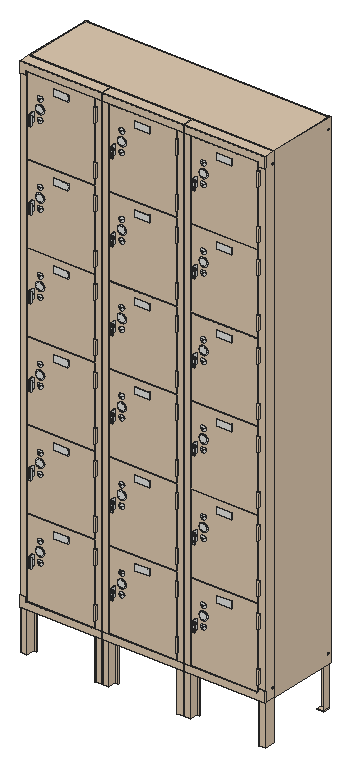
Revit family "Metal_Vented_Lockers-Salsbury_Industries-75000_76000_Series-3_Wide_Units", category Specialty Equipment, Revit 2022 (continued)
Definition of nested family "Metal Locker Left Side Base"
  Types (4): name | Visible | Depth | Model | Description
    77738 Left - for 18" D Lockers with Legs | yes | 16.422" | "77738" | "1.25\"W x 6\" H x 16\"D"
    None | no | 10.422" | "" | ""
  Reference planes (in)
    plane 1 "Center (Front/Back)": y = 0
    plane 2: z = 0
    plane 3 "Center (Left/Right)": x = 5.395
    plane 4 "Floor": z = 0
    plane 5 "Top of Enclosure": z = 6
    plane 6 "Left Side of Unit": x = 4.77
    plane 7 "Right Side of Unit": x = 6.02
    plane 8 "Left Edge of Enclosure": y = -5.211
    plane 9 "Right Edge of Enclosure": y = 5.211
    plane 10 "Left Edge of Insert": y = -6.27647
    plane 11 "Right Edge of Insert": y = -5.15147
    plane 12 "Edge of Rivet": x = 4.73
  Forms (in)
    Extrusion 1, solid, material <- "Primary Structure Material", visible <- "Visible"
      sketch origin (6.02, 0, 0) x (0, 0, -1) y (0, -1, 0)
        loop
          line (-6, 4.90147) -> (-6, -3.961) -> (-5.94, -3.961) -> (-5.94, 4.90147) -> (-6, 4.90147)
      from 0 to 1.19
    Extrusion 2, solid, material <- "Primary Structure Material", visible <- "Visible"
      sketch origin (6.02, 0, -5.94) x (0, 0, -1) y (0, -1, 0)
        loop
          line (-6, 4.90147) -> (-6, -3.961) -> (-5.94, -3.961) -> (-5.94, 4.90147) -> (-6, 4.90147)
      from 0 to 1.19
    Extrusion 3, solid, material <- "Primary Structure Material", visible <- "Visible"
      sketch origin (4.77, 0, 0) x (0, 0, -1) y (0, 1, 0)
        loop
          line (-6, -5.211) -> (0, -5.211) -> (0, 5.211) -> (-6, 5.211) -> (-6, -5.211)
      from 0 to 0.06
    Extrusion 4, solid, material <- "Primary Structure Material", visible <- "Visible"
      sketch origin (10.79, 0, 6) x (0, -1, 0) y (1, 0, 0)
        loop
          line (5.15147, -5.96) -> (6.27647, -5.96) -> (6.27647, -5.9) -> (5.15147, -5.9) -> (5.15147, -5.96)
      from -6 to 0
  Dimensions and locks (in)
    "Height": plane 5 "Top of Enclosure" to plane 4 "Floor"
    plane 10 "Left Edge of Insert" to plane 8 "Left Edge of Enclosure" to plane 11 "Right Edge of Insert" = 1.06547" locked, 0.05953" locked
    equal spacing: plane 8 "Left Edge of Enclosure", plane 1 "Center (Front/Back)", plane 9 "Right Edge of Enclosure"
    "Depth": plane 8 "Left Edge of Enclosure" to plane 9 "Right Edge of Enclosure"
    equal spacing: plane 6 "Left Side of Unit", plane 3 "Center (Left/Right)", plane 7 "Right Side of Unit"
    "Width": plane 6 "Left Side of Unit" to plane 7 "Right Side of Unit"
    "Width including Rivet": plane 12 "Edge of Rivet" to plane 7 "Right Side of Unit"
    plane 12 "Edge of Rivet" to plane 6 "Left Side of Unit" = 0.040"
    aligned and locked: level to plane 2
    aligned and locked: Extrusion 1 to Extrusion 3
    aligned and locked: Extrusion 2 to Extrusion 3
  Automatic sketch dimensions
    plane 5 "Top of Enclosure" to Extrusion 1 sketch curve = 0.000"
    Extrusion 1 sketch curve to Extrusion 1 sketch curve = 0.060"
    plane 9 "Right Edge of Enclosure" to Extrusion 1 sketch curve = 1.250"
    Extrusion 1 sketch curve to plane 11 "Right Edge of Insert" = 0.250"
    Extrusion 2 sketch curve to level = 0.000"
    level to Extrusion 2 sketch curve = 0.060"
    plane 9 "Right Edge of Enclosure" to Extrusion 2 sketch curve = 1.250"
    Extrusion 2 sketch curve to plane 11 "Right Edge of Insert" = 0.250"
    plane 5 "Top of Enclosure" to Extrusion 3 sketch curve = 0.000"
    Extrusion 3 sketch curve to level = 0.000"
    Extrusion 3 sketch curve to plane 8 "Left Edge of Enclosure" = 0.000"
    Extrusion 3 sketch curve to plane 9 "Right Edge of Enclosure" = 0.000"
    plane 11 "Right Edge of Insert" to Extrusion 4 sketch curve = 0.000"
    plane 10 "Left Edge of Insert" to Extrusion 4 sketch curve = 0.000"
    plane 6 "Left Side of Unit" to Extrusion 4 sketch curve = 0.120"
    Extrusion 4 sketch curve to Extrusion 4 sketch curve = 0.060"
Definition of nested family "Metal Locker Zee Base - 3 Wide"
  Parameters (values of type "77572- 36" W x 12" D")
    Width = 36.040"
    Visible = yes
    Version = "1.0 (11/30/15)"
    Type Comments = "Zee Base Kit for Standard Metal Lockers - No Legs"
    Primary Structure Material = none
    Model = "77572"
    MasterFormat Title = ""
    MasterFormat Number = ""
    Manufacturer = "Salsbury Industries"
    Description = "4\" H x 6' L - for 12\" Deep Lockers (Includes 6 Foot Front Base, 2 End Bases, Corner Splicer and 4 Rear Legs)"
    Depth = 12.010"
    Height = 4.000"
    Default Elevation = 0.000"
    Assembly Code = ""
  Types (6): name | Width | Visible | Model | Depth
    77572- 36" W x 12" D | 36.040" | yes | "77572" | 12.010"
    77575 - 36" W x 15" D | 36.040" | yes | "77575" | 15.010"
    77578 - 36"W x 18"D | 36.040" | yes | "77578" | 18.010"
    77575 - 45"W x 15"D | 45.040" | yes | "77575" | 15.010"
    77578 - 45"W x 18"D | 45.040" | yes | "77578" | 18.010"
    None | 36.040" | no | "77572" | 12.010"
  Reference planes (in)
    plane 1 "Center (Front/Back)": y = 0
    plane 2: z = 0
    plane 3 "Center (Left/Right)": x = 0
    plane 4 "Floor": z = 0
    plane 5 "Bottom of Unit": z = 4
    plane 6 "Left Side of Unit": x = -18.02
    plane 7 "Right Side of Unit": x = 18.02
    plane 8 "Back of Unit": y = 6.005
    plane 9 "Front of Unit": y = -6.005
    plane 10 "Right Side of Door Opening": x = 17.02
    plane 11 "Left Side of Door Opening": x = -17.02
    plane 12 "Top of back legs": z = 4.185
    plane 13 "Back Edge of Front Facing": y = -4.417
    plane 14 "Inside Edge of Front Leg": x = -16.58
    plane 15 "Inside Edge of Right Leg": x = 16.58
    plane 16: y = -4.82
    plane 17 "Back Edge of Rear Legs": y = 5.895
    plane 18 "Right Edge of Rear Right Leg": x = 17.9
    plane 19 "Left Edge or Rear Left Leg": x = -17.9
    plane 20: y = 4.895
    plane 21 "Inside Edge or Rear Right Leg": x = 16.9
    plane 22 "Inside Edge or Left Rear Leg": x = -16.9
  Forms (in)
    Extrusion 1, solid, material <- "Primary Structure Material", visible <- "Visible"
      sketch origin (0, 0, 0) x (0, -1, 0) y (1, 0, 0)
        loop
          line (-5.895, 17.9) -> (-5.895, 16.9) -> (-5.835, 16.9) -> (-5.835, 17.84) -> (-4.895, 17.84) -> (-4.895, 17.9) -> (-5.895, 17.9)
      from 0.06 to 4.185
    Extrusion 2, solid, material <- "Primary Structure Material", visible <- "Visible"
      sketch origin (0, 0, 0) x (0, -1, 0) y (1, 0, 0)
        loop
          line (-5.895, 17.9) -> (-5.895, 16.9) -> (-4.895, 16.9) -> (-4.895, 17.9) -> (-5.895, 17.9)
      from 0 to 0.06
    Extrusion 3, solid, material <- "Primary Structure Material", visible <- "Visible"
      sketch origin (0, 0, 0) x (0, -1, 0) y (1, 0, 0)
        loop
          line (-5.895, -17.9) -> (-4.895, -17.9) -> (-4.895, -17.84) -> (-5.835, -17.84) -> (-5.835, -16.9) -> (-5.895, -16.9) -> (-5.895, -17.9)
      from 0.06 to 4.185
    Extrusion 4, solid, material <- "Primary Structure Material", visible <- "Visible"
      sketch origin (0, 0, 0) x (0, -1, 0) y (1, 0, 0)
        loop
          line (-5.895, -17.9) -> (-4.895, -17.9) -> (-4.895, -16.9) -> (-5.895, -16.9) -> (-5.895, -17.9)
      from 0 to 0.06
    Extrusion 5, solid, material <- "Primary Structure Material", visible <- "Visible"
      sketch origin (0, 0, 0) x (0, 1, 0) y (0, 0, 1)
        loop
          line (-6.005, 4) -> (-6.005, 3.94) -> (-4.417, 3.94) -> (-4.417, 0) -> (-2.769, 0) -> (-2.769, 0.06) -> (-4.357, 0.06) -> (-4.357, 4) -> (-6.005, 4)
      from -18.02 to 18.02
  Dimensions and locks (in)
    equal spacing: plane 6 "Left Side of Unit", plane 3 "Center (Left/Right)", plane 7 "Right Side of Unit"
    "Width": plane 6 "Left Side of Unit" to plane 7 "Right Side of Unit"
    "Height": plane 5 "Bottom of Unit" to plane 4 "Floor"
    equal spacing: plane 9 "Front of Unit", plane 1 "Center (Front/Back)", plane 8 "Back of Unit"
    "Depth": plane 9 "Front of Unit" to plane 8 "Back of Unit"
    plane 12 "Top of back legs" to plane 5 "Bottom of Unit" = 0.185"
    plane 6 "Left Side of Unit" to plane 11 "Left Side of Door Opening" = 1.000"
    plane 10 "Right Side of Door Opening" to plane 7 "Right Side of Unit" = 1.000"
    locked: plane 9 "Front of Unit" to plane 13 "Back Edge of Front Facing" at 1.588
    plane 11 "Left Side of Door Opening" to plane 14 "Inside Edge of Front Leg" = 0.440"
    plane 15 "Inside Edge of Right Leg" to plane 10 "Right Side of Door Opening" = 0.440"
    plane 9 "Front of Unit" to plane 16 = 1.185"
    plane 15 "Inside Edge of Right Leg" to plane 21 "Inside Edge or Rear Right Leg" to plane 10 "Right Side of Door Opening" to plane 18 "Right Edge of Rear Right Leg" to plane 7 "Right Side of Unit" = 0.320", 0.120", 0.880", 0.120"
    plane 6 "Left Side of Unit" to plane 19 "Left Edge or Rear Left Leg" to plane 11 "Left Side of Door Opening" to plane 22 "Inside Edge or Left Rear Leg" to plane 14 "Inside Edge of Front Leg" = 0.120", 0.880", 0.120", 0.320"
    plane 20 to plane 17 "Back Edge of Rear Legs" to plane 8 "Back of Unit" = 1.000", 0.110"
    aligned and locked: level to plane 2
    aligned and locked: Extrusion 1 to Extrusion 2
    aligned and locked: Extrusion 4 to Extrusion 3
    aligned and locked: Extrusion 1 to plane 18 "Right Edge of Rear Right Leg"
    aligned and locked: Extrusion 1 to plane 17 "Back Edge of Rear Legs"
    aligned and locked: Extrusion 3 to plane 19 "Left Edge or Rear Left Leg"
    aligned and locked: plane 17 "Back Edge of Rear Legs" to Extrusion 3
    aligned and locked: Extrusion 1 to plane 12 "Top of back legs"
    aligned and locked: plane 12 "Top of back legs" to Extrusion 3
    aligned and locked: Extrusion 5 to plane 7 "Right Side of Unit"
    aligned and locked: plane 6 "Left Side of Unit" to Extrusion 5
  Automatic sketch dimensions
    plane 17 "Back Edge of Rear Legs" to Extrusion 1 sketch curve = 0.000"
    Extrusion 1 sketch curve to plane 21 "Inside Edge or Rear Right Leg" = 0.000"
    Extrusion 1 sketch curve to plane 18 "Right Edge of Rear Right Leg" = 0.000"
    plane 20 to Extrusion 1 sketch curve = 0.000"
    plane 17 "Back Edge of Rear Legs" to Extrusion 1 sketch curve = 0.060"
    plane 18 "Right Edge of Rear Right Leg" to Extrusion 1 sketch curve = 0.060"
    plane 17 "Back Edge of Rear Legs" to Extrusion 2 sketch curve = 0.000"
    Extrusion 2 sketch curve to plane 18 "Right Edge of Rear Right Leg" = 0.000"
    plane 20 to Extrusion 2 sketch curve = 0.000"
    Extrusion 2 sketch curve to plane 21 "Inside Edge or Rear Right Leg" = 0.000"
    plane 17 "Back Edge of Rear Legs" to Extrusion 3 sketch curve = 0.000"
    Extrusion 3 sketch curve to plane 22 "Inside Edge or Left Rear Leg" = 0.000"
    Extrusion 3 sketch curve to plane 19 "Left Edge or Rear Left Leg" = 0.000"
    plane 20 to Extrusion 3 sketch curve = 0.000"
    Extrusion 3 sketch curve to plane 17 "Back Edge of Rear Legs" = 0.060"
    Extrusion 3 sketch curve to plane 19 "Left Edge or Rear Left Leg" = 0.060"
    plane 17 "Back Edge of Rear Legs" to Extrusion 4 sketch curve = 0.000"
    Extrusion 4 sketch curve to plane 19 "Left Edge or Rear Left Leg" = 0.000"
    plane 20 to Extrusion 4 sketch curve = 0.000"
    Extrusion 4 sketch curve to plane 22 "Inside Edge or Left Rear Leg" = 0.000"
    Extrusion 5 sketch curve to plane 9 "Front of Unit" = 0.000"
    Extrusion 5 sketch curve to level = 0.000"
    Extrusion 5 sketch curve to plane 13 "Back Edge of Front Facing" = 0.000"
    plane 5 "Bottom of Unit" to Extrusion 5 sketch curve = 0.000"
    Extrusion 5 sketch curve to plane 13 "Back Edge of Front Facing" = 0.060"
    Extrusion 5 sketch curve to Extrusion 5 sketch curve = 1.588"
    level to Extrusion 5 sketch curve = 0.060"
    plane 5 "Bottom of Unit" to Extrusion 5 sketch curve = 0.060"
Definition of nested family "Metal Locker Zee Base-Right Side"
  Parameters (values of type "77578 Right - 18" D")
    Width including Rivet [instance] = 1.290"
    Visible = yes
    Primary Structure Material = none
    Depth = 16.362"
    Version = "1.0 (11/30/15)"
    Type Comments = "Zee Base Kit for Standard Metal Lockers - No Legs"
    Model = "77578"
    MasterFormat Title = ""
    MasterFormat Number = ""
    Manufacturer = "Salsbury Industries"
    Description = "4\" H x 6' L - for 12\" Deep Lockers (Includes 6 Foot Front Base, 2 End Bases, Corner Splicer and 4 Rear Legs)"
    Width = 4.000"
    Height = 4.000"
    Default Elevation = 0.000"
    Assembly Code = ""
  Types (4): name | Visible | Depth | Type Comments | Model | Description
    77572 Right - 12" D | yes | 10.362" | "Zee Base Kit for Standard Metal Lockers - No Legs" | "77572" | "4\" H x 6' L - for 12\" Deep Lockers (Includes 6 Foot Front Base, 2 End Bases, Corner Splicer and 4 Rear Legs)"
    77575 Right - 15" D | yes | 13.362" | "Zee Base Kit for Standard Metal Lockers - No Legs" | "77575" | "4\" H x 6' L - for 12\" Deep Lockers (Includes 6 Foot Front Base, 2 End Bases, Corner Splicer and 4 Rear Legs)"
    77578 Right - 18" D | yes | 16.362" | "Zee Base Kit for Standard Metal Lockers - No Legs" | "77578" | "4\" H x 6' L - for 12\" Deep Lockers (Includes 6 Foot Front Base, 2 End Bases, Corner Splicer and 4 Rear Legs)"
    None | no | 10.362" | "End Base for Standard Metal Lockers" | "" | ""
  Reference planes (in)
    plane 1 "Center (Front/Back)": y = 0
    plane 2: z = 0
    plane 3 "Center (Left/Right)": x = 3.99
    plane 4 "Floor": z = 0
    plane 5 "Top of Enclosure": z = 4
    plane 6 "Left Edge of Insert": x = 4.77
    plane 7 "Right Side of Unit": x = 5.99
    plane 8 "Left Edge of Enclosure": y = -8.181
    plane 9 "Right Edge of Enclosure": y = 8.181
    plane 10 "Bottom Edge of Enclosure": z = 0.06
    plane 11 "Left Edge of Base": x = 1.99
  Forms (in)
    Extrusion 1, solid, material <- "Primary Structure Material", visible <- "Visible"
      sketch origin (5.99, 0, 0) x (0, 0, -1) y (0, -1, 0)
        loop
          line (-4, 6.93967) -> (-4, -6.931) -> (-3.94, -6.931) -> (-3.94, 6.93967) -> (-4, 6.93967)
      from 0.06 to 1.22
    Extrusion 2, solid, material <- "Primary Structure Material", visible <- "Visible"
      sketch origin (0, 0, 0) x (0, -1, 0) y (1, 0, 0)
        loop
          line (-8.181, 1.99) -> (-8.121, 1.99) -> (-8.121, 5.93) -> (8.121, 5.93) -> (8.121, 1.99) -> (8.181, 1.99) -> (8.181, 5.99) -> (-8.181, 5.99) -> (-8.181, 1.99)
      from 0.06 to 4
  Dimensions and locks (in)
    "Height": plane 5 "Top of Enclosure" to plane 4 "Floor"
    equal spacing: plane 8 "Left Edge of Enclosure", plane 1 "Center (Front/Back)", plane 9 "Right Edge of Enclosure"
    "Depth": plane 8 "Left Edge of Enclosure" to plane 9 "Right Edge of Enclosure"
    "Width": plane 11 "Left Edge of Base" to plane 7 "Right Side of Unit"
    equal spacing: plane 11 "Left Edge of Base", plane 3 "Center (Left/Right)", plane 7 "Right Side of Unit"
    locked: plane 4 "Floor" to plane 10 "Bottom Edge of Enclosure" at 0.06
    aligned and locked: level to plane 2
    aligned and locked: plane 6 "Left Edge of Insert" to Extrusion 1
    aligned and locked: Extrusion 2 to plane 9 "Right Edge of Enclosure"
    aligned and locked: Extrusion 2 to plane 10 "Bottom Edge of Enclosure"
    aligned and locked: plane 11 "Left Edge of Base" to Extrusion 2
  Automatic sketch dimensions
    plane 5 "Top of Enclosure" to Extrusion 1 sketch curve = 0.000"
    Extrusion 1 sketch curve to Extrusion 1 sketch curve = 0.060"
    plane 9 "Right Edge of Enclosure" to Extrusion 1 sketch curve = 1.250"
    Extrusion 1 sketch curve to plane 8 "Left Edge of Enclosure" = 1.24133"
    Extrusion 2 sketch curve to plane 7 "Right Side of Unit" = 0.000"
    plane 9 "Right Edge of Enclosure" to Extrusion 2 sketch curve = 0.000"
    plane 6 "Left Edge of Insert" to Extrusion 2 sketch curve = 2.780"  (x2)
    Extrusion 2 sketch curve to Extrusion 2 sketch curve = 0.060"
    plane 7 "Right Side of Unit" to Extrusion 2 sketch curve = 0.060"
    Extrusion 2 sketch curve to plane 8 "Left Edge of Enclosure" = 0.060"
    Extrusion 2 sketch curve to plane 8 "Left Edge of Enclosure" = 0.000"
Definition of nested family "Metal Locker Zee Base-Left Side"
  Parameters (values of type "77572 Left - 12" D")
    Width including Rivet [instance] = 1.290"
    Visible = yes
    Primary Structure Material = none
    Depth = 10.362"
    Version = "1.0 (11/30/15)"
    Type Comments = "Zee Base Kit for Standard Metal Lockers - No Legs"
    Model = "77572"
    MasterFormat Title = ""
    MasterFormat Number = ""
    Manufacturer = "Salsbury Industries"
    Description = "4\" H x 6' L - for 12\" Deep Lockers (Includes 6 Foot Front Base, 2 End Bases, Corner Splicer and 4 Rear Legs)"
    Width = 4.000"
    Height = 4.000"
    Default Elevation = 0.000"
    Assembly Code = ""
  Types (4): name | Visible | Depth | Type Comments | Model | Description
    77572 Left - 12" D | yes | 10.362" | "Zee Base Kit for Standard Metal Lockers - No Legs" | "77572" | "4\" H x 6' L - for 12\" Deep Lockers (Includes 6 Foot Front Base, 2 End Bases, Corner Splicer and 4 Rear Legs)"
    77575 Left - 15" D | yes | 13.362" | "Zee Base Kit for Standard Metal Lockers - No Legs" | "77575" | "4\" H x 6' L - for 12\" Deep Lockers (Includes 6 Foot Front Base, 2 End Bases, Corner Splicer and 4 Rear Legs)"
    77578 Left- 18" D | yes | 16.362" | "Zee Base Kit for Standard Metal Lockers - No Legs" | "77578" | "4\" H x 6' L - for 12\" Deep Lockers (Includes 6 Foot Front Base, 2 End Bases, Corner Splicer and 4 Rear Legs)"
    None | no | 10.362" | "End Base for Standard Metal Lockers" | "" | ""
  Reference planes (in)
    plane 1 "Center (Front/Back)": y = 0
    plane 2: z = 0
    plane 3 "Center (Left/Right)": x = 3.99
    plane 4 "Floor": z = 0
    plane 5 "Top of Enclosure": z = 4
    plane 6 "Right Side of Unit": x = 5.99
    plane 7 "Left Edge of Enclosure": y = -5.181
    plane 8 "Right Edge of Enclosure": y = 5.181
    plane 9 "Bottom Edge of Enclosure": z = 0.06
    plane 10 "Left Edge of Base": x = 1.99
    plane 11 "Right Edge of Inser": x = 3.21
  Forms (in)
    Extrusion 1, solid, material <- "Primary Structure Material", visible <- "Visible"
      sketch origin (7.98, 0, 0) x (0, -1, 0) y (1, 0, 0)
        loop
          line (-5.181, -1.99) -> (-5.181, -5.99) -> (5.181, -5.99) -> (5.181, -1.99) -> (5.121, -1.99) -> (5.121, -5.93) -> (-5.121, -5.93) -> (-5.121, -1.99) -> (-5.181, -1.99)
      from 0.06 to 4
    Extrusion 2, solid, material <- "Primary Structure Material", visible <- "Visible"
      sketch origin (1.99, 0, 0) x (0, 0, -1) y (0, 1, 0)
        loop
          line (-4, -3.93967) -> (-3.94, -3.93967) -> (-3.94, 3.931) -> (-4, 3.931) -> (-4, -3.93967)
      from 0.06 to 1.22
  Dimensions and locks (in)
    "Height": plane 5 "Top of Enclosure" to plane 4 "Floor"
    equal spacing: plane 7 "Left Edge of Enclosure", plane 1 "Center (Front/Back)", plane 8 "Right Edge of Enclosure"
    "Depth": plane 7 "Left Edge of Enclosure" to plane 8 "Right Edge of Enclosure"
    "Width": plane 10 "Left Edge of Base" to plane 6 "Right Side of Unit"
    equal spacing: plane 10 "Left Edge of Base", plane 3 "Center (Left/Right)", plane 6 "Right Side of Unit"
    locked: plane 4 "Floor" to plane 9 "Bottom Edge of Enclosure" at 0.06
    aligned and locked: level to plane 2
    aligned and locked: plane 10 "Left Edge of Base" to Extrusion 1
  Automatic sketch dimensions
    plane 8 "Right Edge of Enclosure" to Extrusion 1 sketch curve = 0.000"
    Extrusion 1 sketch curve to plane 6 "Right Side of Unit" = 0.000"  (x2)
    plane 7 "Left Edge of Enclosure" to Extrusion 1 sketch curve = 0.000"
    Extrusion 1 sketch curve to plane 10 "Left Edge of Base" = 0.000"
    Extrusion 1 sketch curve to Extrusion 1 sketch curve = 0.060"
    plane 7 "Left Edge of Enclosure" to Extrusion 1 sketch curve = 0.060"
    plane 10 "Left Edge of Base" to Extrusion 1 sketch curve = 0.060"
    plane 5 "Top of Enclosure" to Extrusion 2 sketch curve = 0.000"
    Extrusion 2 sketch curve to Extrusion 2 sketch curve = 0.060"
    Extrusion 2 sketch curve to plane 7 "Left Edge of Enclosure" = 1.24133"
    plane 8 "Right Edge of Enclosure" to Extrusion 2 sketch curve = 1.250"
Definition of nested family "Metal Locker Zee Base Corner"
  Parameters (values of type "77572, 77575, 77578")
    Width = 2.000"
    Visible = yes
    Version = "1.0 (11/30/15)"
    Type Comments = "Zee Base Kit for Standard Metal Lockers - No Legs"
    Primary Structure Material = none
    Model = "n/a"
    Manufacturer = "Salsbury Industries"
    Height = 3.940"
    Description = "4\" H x 6' L - for 12\" Deep Lockers (Includes 6 Foot Front Base, 2 End Bases, Corner Splicer and 4 Rear Legs)"
    Depth = 2.000"
    Default Elevation = 0.000"
  Types (2): name | Visible
    77572, 77575, 77578 | yes
    None | no
  Reference planes (in)
    plane 1 "Center (Front/Back)": y = 0
    plane 2 "Bottom of Component": z = 0
    plane 3 "Center (Left/Right)": x = 0
    plane 4: z = 3.94
    plane 5: x = -1
    plane 6: x = 1
    plane 7 "Front": y = -1
    plane 8 "Back": y = 1
  Forms (in)
    Extrusion 1, solid, material <- "Primary Structure Material", visible <- "Visible"
      sketch origin (0, 0, 0) x (1, 0, 0) y (0, 1, 0)
        loop
          line (-1, 1) -> (-1, 0.94) -> (0.94, 0.94) -> (0.94, -1) -> (1, -1) -> (1, 1) -> (-1, 1)
      from 0 to 3.94
  Dimensions and locks (in)
    "Height": plane 4 to plane 2 "Bottom of Component"
    equal spacing: plane 5, plane 3 "Center (Left/Right)", plane 6
    "Width": plane 5 to plane 6
    equal spacing: plane 7 "Front", plane 1 "Center (Front/Back)", plane 8 "Back"
    "Depth": plane 7 "Front" to plane 8 "Back"
    aligned and locked: plane 2 "Bottom of Component" to level
  Automatic sketch dimensions
    Extrusion 1 sketch curve to plane 5 = 0.000"
    plane 7 "Front" to Extrusion 1 sketch curve = 0.000"
    Extrusion 1 sketch curve to plane 6 = 0.000"
    plane 8 "Back" to Extrusion 1 sketch curve = 0.000"
    plane 6 to Extrusion 1 sketch curve = 0.060"
    Extrusion 1 sketch curve to Extrusion 1 sketch curve = 0.060"
Definition of nested family "Metal Locker End Panel"
  Parameters (values of type "77362 - for 6' H x 12" D Lockers")
    Width = 0.925"
    Visible = yes
    Version = "1.0 (11/30/15)"
    Type Comments = "Finished End Panel for Standard Metal Lockers"
    Primary Structure Material = none
    Model = "77362"
    MasterFormat Title = ""
    MasterFormat Number = ""
    Manufacturer = "Salsbury Industries"
    Height = 72.000"
    Description = "End Panel for 6' H x 12\" Deep Lockers"
    Depth = 12.010"
    Default Elevation = 0.000"
    Assembly Code = ""
  Types (7): name | Visible | Model | Height | Description | Depth
    77362 - for 6' H x 12" D Lockers | yes | "77362" | 72.000" | "End Panel for 6' H x 12\" Deep Lockers" | 12.010"
    77365 - for 6' H x 15" D Lockers | yes | "77365" | 72.000" | "End Panel for 6' H x 15\" Deep Lockers" | 15.010"
    77368 - for 6' H X 18" D Lockers | yes | "77368" | 72.000" | "End Panel for 6' H x 18\" Deep Lockers" | 18.010"
    77352 - for 5' H x 12" D Lockers | yes | "77352" | 60.000" | "End Panel for 5' H x 12\" Deep Lockers" | 12.010"
    77355 - for 5' H x 15" D Lockers | yes | "77355" | 60.000" | "End Panel for 5' H x 15\" Deep Lockers" | 15.010"
    77358 - for 5' H x 18" D Lockers | yes | "77358" | 60.000" | "End Panel for 5' H x 18\" Deep Lockers" | 18.010"
    None | no | "n/a" | 72.000" | "" | 12.010"
  Reference planes (in)
    plane 1 "Center (Front/Back)": y = -2.167
    plane 2: z = 0
    plane 3 "Center (Left/Right)": x = -4.595
    plane 4 "Bottom of Panel": z = 0
    plane 5 "Top of Panel": z = 72
    plane 6 "Front of Panel": y = -8.172
    plane 7 "Right Side of Enclosure": x = -4.1325
    plane 8 "Left Side of Enclosure": x = -5.0575
    plane 9 "Back of Panel": y = 3.838
    plane 10: z = 36
    plane 11: z = 70.283
    plane 12: z = 1.717
    plane 13 "Outside Edge of Front Flap": y = -8.23214
    plane 14 "Outside Edge of Back Flap": y = 3.898
  Forms (in)
    Extrusion 1, solid, material <- "Primary Structure Material", visible <- "Visible"
      sketch origin (-4.1325, 0.48244, 0) x (0, 0, -1) y (0, -1, 0)
        loop
          line (-72, 8.71458) -> (-72, -3.41556) -> (0, -3.41556) -> (0, 8.71458) -> (-72, 8.71458)
      from 0 to -0.06
    Extrusion 2, solid, material <- "Primary Structure Material", visible <- "Visible"
      sketch origin (0, 3.838, 0) x (0, 0, -1) y (1, 0, 0)
        loop
          line (-72, -5.0575) -> (0, -5.0575) -> (0, -4.1325) -> (-72, -4.1325) -> (-72, -5.0575)
      from 0 to -0.06
    Extrusion 3, solid, material <- "Primary Structure Material", visible <- "Visible"
      sketch origin (0, -8.172, 0) x (1, 0, 0) y (0, 0, 1)
        loop
          line (-5.0575, 70.283) -> (-5.0575, 1.717) -> (-4.1325, 1.717) -> (-4.1325, 70.283) -> (-5.0575, 70.283)
      from 0.06014 to 0
  Dimensions and locks (in)
    equal spacing: plane 6 "Front of Panel", plane 1 "Center (Front/Back)", plane 9 "Back of Panel"
    "Depth": plane 6 "Front of Panel" to plane 9 "Back of Panel"
    equal spacing: plane 8 "Left Side of Enclosure", plane 3 "Center (Left/Right)", plane 7 "Right Side of Enclosure"
    "Width": plane 8 "Left Side of Enclosure" to plane 7 "Right Side of Enclosure"
    equal spacing: plane 5 "Top of Panel", plane 10, plane 2
    "Height": plane 5 "Top of Panel" to plane 2
    locked: plane 5 "Top of Panel" to plane 11 at 1.717
    locked: plane 13 "Outside Edge of Front Flap" to plane 6 "Front of Panel" at 0.06014
    locked: plane 9 "Back of Panel" to plane 14 "Outside Edge of Back Flap" at 0.06
    aligned and locked: level to plane 2
    aligned and locked: plane 5 "Top of Panel" to Extrusion 1 sketch curve
    aligned and locked: plane 5 "Top of Panel" to Extrusion 2 sketch curve
    aligned and locked: Extrusion 2 to plane 9 "Back of Panel"
    aligned and locked: plane 11 to Extrusion 3 sketch curve
    aligned and locked: plane 6 "Front of Panel" to Extrusion 3
    aligned and locked: plane 14 "Outside Edge of Back Flap" to Extrusion 2
    aligned and locked: Extrusion 1 to plane 14 "Outside Edge of Back Flap"
    aligned and locked: plane 13 "Outside Edge of Front Flap" to Extrusion 3
    aligned and locked: Extrusion 2 to plane 7 "Right Side of Enclosure"
    aligned and locked: Extrusion 3 to plane 7 "Right Side of Enclosure"
  Automatic sketch dimensions
    Extrusion 1 sketch curve to level = 0.000"
    Extrusion 2 sketch curve to level = 0.000"
    plane 8 "Left Side of Enclosure" to Extrusion 2 sketch curve = 0.000"
    plane 7 "Right Side of Enclosure" to Extrusion 2 sketch curve = 0.000"
    plane 8 "Left Side of Enclosure" to Extrusion 3 sketch curve = 0.000"
    Extrusion 3 sketch curve to plane 12 = 0.000"
    plane 7 "Right Side of Enclosure" to Extrusion 3 sketch curve = 0.000"
    Extrusion 1 sketch curve to plane 14 "Outside Edge of Back Flap" = 0.000"
    plane 6 "Front of Panel" to Extrusion 1 sketch curve = 0.06014"
Definition of nested family "Metal Locker Front Filler"
  Parameters (values of type "77869 - for 6' H Lockers (Zee Base or No Legs)")
    Width = 9.000"
    Visible = yes
    Version = "1.0 (11/30/15)"
    Type Comments = "Vertical Front Filler for Standard Metal Lockers"
    Primary Structure Material = none
    Model = "77865"
    MasterFormat Title = ""
    MasterFormat Number = ""
    Manufacturer = "Salsbury Industries"
    Height = 72.000"
    Description = "9\" W Vertical Front Filler for 6' H Lockers"
    Depth = 1.500"
    Default Elevation = 0.000"
    Assembly Code = ""
  Types (9): name | Width | Visible | Model | Height | Description | Depth
    77865 - for 6' H Lockers with Legs | 15.000" | yes | "77865" | 78.000" | "15\" W Vertical Front Filler for 6' H Lockers" | 1.000"
    77869 - for 6' H Lockers with Legs | 9.000" | yes | "77865" | 78.000" | "9\" W Vertical Front Filler for 6' H Lockers" | 1.000"
    77855 - for 5' H Lockers with Legs | 15.000" | yes | "77855" | 66.000" | "15\" W Vertical Front Filler for 5' H Lockers" | 1.000"
    77859 - for 5' H Lockers with Legs | 9.000" | yes | "77859" | 66.000" | "9\" W Vertical Front Filler for 5' H Lockers" | 1.000"
    None | 15.000" | no | "n/a" | 78.000" | "" | 1.500"
    77865 - for 6' H Lockers (Zee Base or No Legs) | 15.000" | yes | "77865" | 72.000" | "15\" W Vertical Front Filler for 6' H Lockers" | 1.000"
    77869 - for 6' H Lockers (Zee Base or No Legs) | 9.000" | yes | "77865" | 72.000" | "9\" W Vertical Front Filler for 6' H Lockers" | 1.500"
    77859 - for 5' H Lockers (Zee Base or No Legs) | 9.000" | yes | "77859" | 60.000" | "9\" W Vertical Front Filler for 5' H Lockers" | 1.000"
    77855 - for 5' H Lockers (Zee Base or No Legs) | 15.000" | yes | "77855" | 60.000" | "15\" W Vertical Front Filler for 5' H Lockers" | 1.000"
  Reference planes (in)
    plane 1 "Center (Front/Back)": y = -2.167
    plane 2: z = 0
    plane 3 "Center (Left/Right)": x = -4.595
    plane 4 "Bottom of Filler": z = 0
    plane 5 "Top of Panel": z = 72
    plane 6 "Front of Filler": y = -2.917
    plane 7 "Right Side of Filler": x = -0.095
    plane 8 "Left Side of Filler": x = -9.095
    plane 9 "Back of Filler": y = -1.417
    plane 10: z = 36
  Forms (in)
    Extrusion 1, solid, material <- "Primary Structure Material", visible <- "Visible"
      sketch origin (0, 0, 0) x (0, -1, 0) y (1, 0, 0)
        loop
          line (1.417, -9.095) -> (2.917, -9.095) -> (2.917, -1.095) -> (2.869, -1.095) -> (2.869, -9.047) -> (1.417, -9.047) -> (1.417, -9.095)
      from 0 to 72
    Extrusion 2, solid, material <- "Primary Structure Material", visible <- "Visible"
      sketch origin (0, -0.20425, 0) x (0, -1, 0) y (1, 0, 0)
        loop
          line (1.30875, -0.095) -> (1.30875, -0.143) -> (2.76075, -0.143) -> (2.76075, -1.595) -> (2.80875, -1.595) -> (2.80875, -0.095) -> (1.30875, -0.095)
      from 0 to 72
    Extrusion 3, solid, material <- "Primary Structure Material", visible <- "Visible"
      sketch origin (0, 0.10825, 0) x (0, -1, 0) y (1, 0, 0)
        loop
          line (3.07325, -1.595) -> (3.07325, -0.82524) -> (3.02525, -0.82524) -> (3.02525, -1.376) -> (3.02525, -1.449) -> (3.02525, -1.522) -> (3.02525, -1.595) -> (3.07325, -1.595)
      from 0 to 72
    Extrusion 4, solid, material <- "Primary Structure Material", visible <- "Visible"
      sketch origin (0, 0, 0) x (0, -1, 0) y (1, 0, 0)
        loop
          line (2.917, -0.82524) -> (2.821, -0.82524) -> (2.821, -1.80024) -> (2.869, -1.80024) -> (2.869, -0.87324) -> (2.917, -0.87324) -> (2.917, -0.82524)
      from 0 to 72
  Dimensions and locks (in)
    equal spacing: plane 6 "Front of Filler", plane 1 "Center (Front/Back)", plane 9 "Back of Filler"
    "Depth": plane 6 "Front of Filler" to plane 9 "Back of Filler"
    equal spacing: plane 8 "Left Side of Filler", plane 3 "Center (Left/Right)", plane 7 "Right Side of Filler"
    "Width": plane 8 "Left Side of Filler" to plane 7 "Right Side of Filler"
    equal spacing: plane 5 "Top of Panel", plane 10, plane 2
    "Height": plane 5 "Top of Panel" to plane 2
    aligned and locked: level to plane 2
    aligned and locked: Extrusion 1 to plane 5 "Top of Panel"
    aligned and locked: Extrusion 2 to plane 5 "Top of Panel"
    aligned and locked: Extrusion 3 to plane 5 "Top of Panel"
    aligned and locked: Extrusion 4 to plane 5 "Top of Panel"
  Automatic sketch dimensions
    plane 9 "Back of Filler" to Extrusion 1 sketch curve = 0.000"
    plane 6 "Front of Filler" to Extrusion 1 sketch curve = 0.000"
    Extrusion 1 sketch curve to plane 8 "Left Side of Filler" = 0.000"
    Extrusion 1 sketch curve to plane 6 "Front of Filler" = 0.048"
    Extrusion 1 sketch curve to Extrusion 1 sketch curve = 0.048"
    plane 7 "Right Side of Filler" to Extrusion 1 sketch curve = 1.000"
    Extrusion 2 sketch curve to plane 7 "Right Side of Filler" = 0.000"
    plane 7 "Right Side of Filler" to Extrusion 2 sketch curve = 0.048"
    plane 9 "Back of Filler" to Extrusion 2 sketch curve = 0.096"
    plane 6 "Front of Filler" to Extrusion 2 sketch curve = 0.048"
    Extrusion 2 sketch curve to Extrusion 2 sketch curve = 0.048"
    Extrusion 2 sketch curve to Extrusion 2 sketch curve = 1.452"
    plane 6 "Front of Filler" to Extrusion 3 sketch curve = 0.000"
    plane 7 "Right Side of Filler" to Extrusion 3 sketch curve = 1.500"
    Extrusion 3 sketch curve to Extrusion 3 sketch curve = 0.073"  (x3)
    Extrusion 3 sketch curve to Extrusion 3 sketch curve = 0.55076"
    Extrusion 3 sketch curve to Extrusion 3 sketch curve = 0.048"
    plane 6 "Front of Filler" to Extrusion 4 sketch curve = 0.000"
    Extrusion 4 sketch curve to plane 6 "Front of Filler" = 0.048"
    Extrusion 4 sketch curve to Extrusion 4 sketch curve = 0.048"  (x2)
    plane 7 "Right Side of Filler" to Extrusion 4 sketch curve = 1.70524"
    plane 7 "Right Side of Filler" to Extrusion 4 sketch curve = 0.77824"
Definition of nested family "Metal Locker Flat Top Filler"
  Parameters (values of type "77842 - for 12" Deep Lockers (15" W)")
    Width = 16.250"
    Visible = yes
    Version = "1.0 (11/30/15)"
    Type Comments = "Flat Top Filler for Standard Metal Lockers"
    Primary Structure Material = none
    Model = "77842"
    MasterFormat Title = ""
    MasterFormat Number = ""
    Manufacturer = "Salsbury Industries"
    Height = 1.003"
    Description = "15\"W Flat Top In-Line Filler"
    Depth = 12.118"
    Default Elevation = 0.000"
    Assembly Code = ""
  Types (7): name | Width | Visible | Model | Depth
    77842 - for 12" Deep Lockers (15" W) | 16.250" | yes | "77842" | 12.118"
    77842 - for 12" Deep Lockers (9" W) | 10.250" | yes | "77842" | 12.118"
    77845 - for 15" Deep Lockers (15" W) | 16.250" | yes | "77845" | 15.118"
    77845 - for 15" Deep Lockers (9" W) | 10.250" | yes | "77845" | 15.118"
    77848 - for 18" Deep Lockers (15" W) | 16.250" | yes | "77848" | 18.118"
    77848 - for 18" Deep Lockers (9" W) | 10.250" | yes | "77848" | 18.118"
    None | 16.250" | no | "" | 12.118"
  Reference planes (in)
    plane 1 "Center (Front/Back)": y = -2.167
    plane 2: z = 0
    plane 3 "Center (Left/Right)": x = -4.595
    plane 4 "Bottom of Panel": z = 0
    plane 5 "Top of Panel": z = 1.003
    plane 6 "Front of Panel": y = -8.226
    plane 7 "Right Side of Enclosure": x = 3.53
    plane 8 "Left Side of Enclosure": x = -12.72
    plane 9 "Back of Panel": y = 3.892
    plane 10: z = 0.5015
  Forms (in)
    Extrusion 1, solid, material <- "Primary Structure Material", visible <- "Visible"
      sketch origin (-4.595, 0, 0) x (0, 1, 0) y (0, 0, 1)
        loop
          line (-8.226, 0) -> (-8.178, 0) -> (-8.178, 0.955) -> (3.892, 0.955) -> (3.892, 1.003) -> (-8.226, 1.003) -> (-8.226, 0)
      from -8.125 to 8.125
  Dimensions and locks (in)
    equal spacing: plane 6 "Front of Panel", plane 1 "Center (Front/Back)", plane 9 "Back of Panel"
    "Depth": plane 6 "Front of Panel" to plane 9 "Back of Panel"
    equal spacing: plane 8 "Left Side of Enclosure", plane 3 "Center (Left/Right)", plane 7 "Right Side of Enclosure"
    "Width": plane 8 "Left Side of Enclosure" to plane 7 "Right Side of Enclosure"
    equal spacing: plane 5 "Top of Panel", plane 10, plane 2
    "Height": plane 5 "Top of Panel" to plane 2
    aligned and locked: level to plane 2
    aligned and locked: Extrusion 1 to plane 7 "Right Side of Enclosure"
    aligned and locked: plane 8 "Left Side of Enclosure" to Extrusion 1
    aligned and locked: plane 6 "Front of Panel" to Extrusion 1
    aligned and locked: Extrusion 1 to plane 9 "Back of Panel"
  Automatic sketch dimensions
    plane 5 "Top of Panel" to Extrusion 1 sketch curve = 0.000"
    Extrusion 1 sketch curve to plane 6 "Front of Panel" = 0.000"
    Extrusion 1 sketch curve to level = 0.000"
    Extrusion 1 sketch curve to plane 9 "Back of Panel" = 0.000"
    Extrusion 1 sketch curve to plane 6 "Front of Panel" = 0.048"
    plane 5 "Top of Panel" to Extrusion 1 sketch curve = 0.048"
Definition of nested family "Metal Locker Flat Corner Filler"
  Parameters (values of type "77832 - for 12" Deep Lockers")
    Width = 12.625"
    Visible = yes
    Version = "1.0 (11/30/15)"
    Type Comments = "Flat Top Corner Filler for Standard Metal Lockers"
    Primary Structure Material = none
    Model = "77832"
    MasterFormat Title = ""
    MasterFormat Number = ""
    Manufacturer = "Salsbury Industries"
    Height = 0.048"
    Description = "12\"W Flat Top Corner Filler"
    Depth = 12.625"
    Default Elevation = 0.000"
    Assembly Code = ""
  Types (4): name | Width | Visible | Model | Description | Depth
    77832 - for 12" Deep Lockers | 12.625" | yes | "77832" | "12\"W Flat Top Corner Filler" | 12.625"
    77835 - for 15" Deep Lockers | 15.625" | yes | "77835" | "15\"W Flat Top Corner Filler" | 15.625"
    77838 - for 18" Deep Lockers | 18.625" | yes | "77838" | "18\"W Flat Top Corner Filler" | 18.625"
    None | 12.625" | no | "" | "" | 12.625"
  Reference planes (in)
    plane 1 "Center (Front/Back)": y = -2.167
    plane 2: z = 0
    plane 3 "Center (Left/Right)": x = -4.595
    plane 4 "Bottom of Panel": z = 0
    plane 5 "Top of Panel": z = 0.048
    plane 6 "Front of Panel": y = -8.4795
    plane 7 "Right Side of Enclosure": x = 1.7175
    plane 8 "Left Side of Enclosure": x = -10.9075
    plane 9 "Back of Panel": y = 4.1455
    plane 10: z = 0.024
  Forms (in)
    Extrusion 1, solid, material <- "Primary Structure Material", visible <- "Visible"
      sketch origin (0, 0, 0) x (0, -1, 0) y (1, 0, 0)
        loop
          line (7.8545, -10.9075) -> (7.8545, -10.2825) -> (8.4795, -10.2825) -> (8.4795, 1.7175) -> (-4.1455, 1.7175) -> (-4.1455, -10.9075) -> (7.8545, -10.9075)
      from 0 to 0.048
  Dimensions and locks (in)
    equal spacing: plane 6 "Front of Panel", plane 1 "Center (Front/Back)", plane 9 "Back of Panel"
    "Depth": plane 6 "Front of Panel" to plane 9 "Back of Panel"
    equal spacing: plane 8 "Left Side of Enclosure", plane 3 "Center (Left/Right)", plane 7 "Right Side of Enclosure"
    "Width": plane 8 "Left Side of Enclosure" to plane 7 "Right Side of Enclosure"
    equal spacing: plane 5 "Top of Panel", plane 10, plane 2
    "Height": plane 5 "Top of Panel" to plane 2
    aligned and locked: level to plane 2
    aligned and locked: Extrusion 1 to plane 9 "Back of Panel"
    aligned and locked: plane 6 "Front of Panel" to Extrusion 1
    aligned and locked: Extrusion 1 to plane 7 "Right Side of Enclosure"
    aligned and locked: plane 8 "Left Side of Enclosure" to Extrusion 1
  Automatic sketch dimensions
    Extrusion 1 sketch curve to plane 8 "Left Side of Enclosure" = 0.000"
    plane 9 "Back of Panel" to Extrusion 1 sketch curve = 0.000"
    plane 6 "Front of Panel" to Extrusion 1 sketch curve = 0.000"
    Extrusion 1 sketch curve to plane 7 "Right Side of Enclosure" = 0.000"
    Extrusion 1 sketch curve to plane 8 "Left Side of Enclosure" = 0.625"
    Extrusion 1 sketch curve to plane 6 "Front of Panel" = 0.625"
Definition of nested family "Metal Locker Sloping Top Filler"
  Parameters (values of type "77882 - for 12" Deep Lockers (15" W)")
    Width = 16.250"
    Visible = yes
    Version = "1.0 (11/30/15)"
    Type Comments = "Sloping Hood In-Line Filler for Standard Metal Lockers"
    Slope Angle = 28.761°
    Primary Structure Material = none
    Model = "77882"
    MasterFormat Title = ""
    MasterFormat Number = ""
    Manufacturer = "Salsbury Industries"
    Height = 1.003"
    Description = "15\"W Sloping Hood In-Line Filler"
    Depth = 12.118"
    Default Elevation = 0.000"
    Assembly Code = ""
  Types (7): name | Width | Visible | Type Comments | Slope Angle | Model | Description | Depth
    77882 - for 12" Deep Lockers (15" W) | 16.250" | yes | "Sloping Hood In-Line Filler for Standard Metal Lockers" | 28.761° | "77882" | "15\"W Sloping Hood In-Line Filler" | 12.118"
    77882 - for 12" Deep Lockers (9" W) | 10.250" | yes | "Sloping Hood In-Line Filler for Standard Metal Lockers" | 28.761° | "77882" | "15\"W Sloping Hood In-Line Filler" | 12.118"
    77885 - for 15" Deep Lockers (15" W) | 16.250" | yes | "Sloping Hood In-Line Filler for Standard Metal Lockers" | 29.946° | "77885" | "15\"W Sloping Hood In-Line Filler" | 15.118"
    77885 - for 15" Deep Lockers (9" W) | 10.250" | yes | "Sloping Hood In-Line Filler for Standard Metal Lockers" | 29.946° | "77885" | "15\"W Sloping Hood In-Line Filler" | 15.118"
    77888 - for 18" Deep Lockers (15" W) | 16.250" | yes | "Sloping Hood In-Line Filler for Standard Metal Lockers" | 30.723° | "77888" | "15\"W Sloping Hood In-Line Filler" | 18.118"
    77888 - for 18" Deep Lockers (9" W) | 10.250" | yes | "Sloping Hood In-Line Filler for Standard Metal Lockers" | 30.723° | "77888" | "15\"W Sloping Hood In-Line Filler" | 18.118"
    None | 16.250" | no | "Sloping Hood for Standard Metal Lockers" | 28.761° | "" | "" | 12.118"
  Reference planes (in)
    plane 1 "Center (Front/Back)": y = -2.167
    plane 2: z = 0
    plane 3 "Center (Left/Right)": x = -4.595
    plane 4 "Bottom of Panel": z = 0
    plane 5 "Top of Panel": z = 1.003
    plane 6 "Front of Panel": y = -8.226
    plane 7 "Right Side of Enclosure": x = 3.53
    plane 8 "Left Side of Enclosure": x = -12.72
    plane 9 "Back of Panel": y = 3.892
    plane 10: z = 0.5015
    plane 11: through (0, -7.6072, 0.33964) normal (0, -0.4812, 0.8766)
    plane 12: through (0, -7.72698, 0.21914) normal (0, -0.4812, 0.8766)
  Forms (in)
    Extrusion 1, solid, material <- "Primary Structure Material", visible <- "Visible"
      sketch origin (-4.595, 0, 0) x (0, 1, 0) y (0, 0, 1)
        loop
          line (3.892, 6.65119) -> (-8.226, 0) -> (-8.226, -1.028) -> (-8.178, -1.028) -> (-8.178, -0.02841) -> (3.892, 6.59643) -> (3.892, 6.65119)
      from -8.125 to 8.125
  Dimensions and locks (in)
    equal spacing: plane 6 "Front of Panel", plane 1 "Center (Front/Back)", plane 9 "Back of Panel"
    "Depth": plane 6 "Front of Panel" to plane 9 "Back of Panel"
    equal spacing: plane 8 "Left Side of Enclosure", plane 3 "Center (Left/Right)", plane 7 "Right Side of Enclosure"
    "Width": plane 8 "Left Side of Enclosure" to plane 7 "Right Side of Enclosure"
    equal spacing: plane 5 "Top of Panel", plane 10, plane 2
    "Height": plane 5 "Top of Panel" to plane 2
    locked: plane 11 to plane 12 at 0.048
    "Slope Angle": angle plane 4 "Bottom of Panel" to plane 11
    aligned and locked: level to plane 2
    aligned and locked: plane 11 to Extrusion 1 sketch curve
    aligned and locked: plane 12 to Extrusion 1 sketch curve
    aligned and locked: Extrusion 1 to plane 7 "Right Side of Enclosure"
    aligned and locked: plane 8 "Left Side of Enclosure" to Extrusion 1
  Automatic sketch dimensions
    Extrusion 1 sketch curve to plane 6 "Front of Panel" = 0.000"
    Extrusion 1 sketch curve to Extrusion 1 sketch curve = 0.99959"
    Extrusion 1 sketch curve to level = 0.02841"
    Extrusion 1 sketch curve to plane 9 "Back of Panel" = 0.000"
Definition of nested family "Metal Locker Sloping Corner Filler"
  Parameters (values of type "77872 - for 12" Deep Lockers")
    Width = 12.695"
    Visible = yes
    Version = "1.0 (11/30/15)"
    Type Comments = "Sloping Hood Corner Filler for Standard Metal Lockers"
    Slope Angle 2 = 28.761°
    Slope Angle 1 = 28.761°
    Primary Structure Material = none
    Model = "77872"
    MasterFormat Title = ""
    MasterFormat Number = ""
    Manufacturer = "Salsbury Industries"
    Height = 6.87897"
    Description = "12\"D Sloping Hood Corner Filler"
    Depth = 12.695"
    Default Elevation = 0.000"
    Assembly Code = ""
  Types (4): name | Width | Visible | Slope Angle 2 | Slope Angle 1 | Model | Description | Depth
    77872 - for 12" Deep Lockers | 12.695" | yes | 28.761° | 28.761° | "77872" | "12\"D Sloping Hood Corner Filler" | 12.695"
    77875 - for 15" Deep Lockers | 15.695" | yes | 29.946° | 29.946° | "77875" | "15\"D Sloping Hood Corner Filler" | 15.695"
    77878 - for 18" Deep Lockers | 18.695" | yes | 30.723° | 30.723° | "77878" | "18\"D Sloping Hood Corner Filler" | 18.695"
    None | 12.695" | no | 28.723° | 28.723° | "" | "" | 12.695"
  Reference planes (in)
    plane 1 "Center (Front/Back)": y = -2.167
    plane 2: z = 0
    plane 3 "Center (Left/Right)": x = -4.595
    plane 4 "Bottom of Panel": z = 0
    plane 5 "Top of Panel": z = 6.87897
    plane 6 "Front of Panel": y = -8.5145
    plane 7 "Right Side of Enclosure": x = 1.7525
    plane 8 "Left Side of Enclosure": x = -10.9425
    plane 9 "Back of Panel": y = 4.1805
    plane 10 "Center Top/Bottom": z = 3.43948
    plane 11 "Slope 1": through (0, -7.42276, 0.59922) normal (0, -0.4812, 0.8766)
    plane 12: through (0, -7.54254, 0.47872) normal (0, -0.4812, 0.8766)
    plane 13 "Diagonal Plane": through (-10.86131, 4.09969, 48) normal (0.7071, 0.7071, 0)
    plane 14 "Cutout Plane 1": y = -7.8895
    plane 15 "Cutout Plane 2": x = 1.1275
    plane 16 "Slope 2": through (1.43902, -180, 0.17206) normal (-0.4812, 0, -0.8766)
    plane 17: through (5.04554, -180, -1.86199) normal (-0.4812, 0, -0.8766)
  Forms (in)
    Extrusion 1, solid, material <- "Primary Structure Material", visible <- "Visible"
      sketch origin (-4.595, 0, 0) x (0, 1, 0) y (0, 0, 1)
        loop
          line (-7.8895, 0.28829) -> (4.1805, 6.91313) -> (4.1805, 6.96789) -> (-7.8895, 0.34304) -> (-7.8895, 0.28829)
      from -6.3475 to 6.3475
    Extrusion 2, void
      sketch origin (0, 0, 3.43948) x (1, 0, 0) y (0, 1, 0)
        loop
          line (1.75288, -8.5145) -> (-10.9425, 4.18088) -> (-10.9425, -8.5145) -> (1.75288, -8.5145)
      from -3.43948 to 8.2673
    Extrusion 3, solid, material <- "Primary Structure Material", visible <- "Visible"
      sketch origin (0, -2.167, 0) x (1, 0, 0) y (0, 0, 1)
        loop
          line (1.1275, 0.2885) -> (1.1275, 0.34304) -> (-10.9425, 6.96789) -> (-10.9425, 6.91334) -> (1.1275, 0.2885)
      from -6.3475 to 6.3475
    Extrusion 4, void
      sketch origin (-4.595, 0, 0) x (0, 1, 0) y (0, 0, 1)
        loop
          line (4.1805, 0) -> (4.1805, 6.91313) -> (-8.41474, 0) -> (4.1805, 0)
      from -6.3475 to 6.3475
    Extrusion 5, solid, not visible
      sketch origin (1.1275, 0, 0) x (0, -1, 0) y (0, 0, 1)
        loop
          line (8.60982, 0.2885) -> (7.8895, 0.2885) -> (7.8895, 0) -> (8.60982, 0) -> (8.60982, 0.2885)
      from -0.72026 to 0
  Cuts and joins
    Extrusion 2, Extrusion 4 cuts Extrusion 1
    Extrusion 4 cuts Extrusion 3
  Dimensions and locks (in)
    equal spacing: plane 6 "Front of Panel", plane 1 "Center (Front/Back)", plane 9 "Back of Panel"
    "Depth": plane 6 "Front of Panel" to plane 9 "Back of Panel"
    equal spacing: plane 8 "Left Side of Enclosure", plane 3 "Center (Left/Right)", plane 7 "Right Side of Enclosure"
    "Width": plane 8 "Left Side of Enclosure" to plane 7 "Right Side of Enclosure"
    equal spacing: plane 5 "Top of Panel", plane 10 "Center Top/Bottom", plane 2
    "Height": plane 5 "Top of Panel" to plane 2
    locked: plane 11 "Slope 1" to plane 12 at 0.048
    locked: plane 15 "Cutout Plane 2" to plane 7 "Right Side of Enclosure" at 0.625
    locked: plane 6 "Front of Panel" to plane 14 "Cutout Plane 1" at 0.625
    locked: plane 17 to plane 16 "Slope 2" at 0.04782
    "Slope Angle 1": angle plane 4 "Bottom of Panel" to plane 11 "Slope 1"
    "Slope Angle 2": angle plane 16 "Slope 2" to plane 4 "Bottom of Panel"
    aligned and locked: level to plane 2
    aligned and locked: Extrusion 1 sketch curve to plane 14 "Cutout Plane 1"
    aligned and locked: plane 9 "Back of Panel" to Extrusion 1 sketch curve
    aligned and locked: Extrusion 1 sketch curve to plane 11 "Slope 1"
    aligned and locked: plane 12 to Extrusion 1 sketch curve
    aligned and locked: plane 8 "Left Side of Enclosure" to Extrusion 1
    aligned and locked: Extrusion 1 to plane 7 "Right Side of Enclosure"
    aligned and locked: plane 6 "Front of Panel" to Extrusion 2 sketch curve
    aligned and locked: plane 8 "Left Side of Enclosure" to Extrusion 2 sketch curve
    aligned and locked: plane 13 "Diagonal Plane" to Extrusion 2 sketch curve
    aligned and locked: plane 4 "Bottom of Panel" to cut or joined group of Extrusion 1, Extrusion 2, Extrusion 4
    aligned and locked: Extrusion 4 sketch curve to level
    aligned and locked: Extrusion 4 sketch curve to plane 9 "Back of Panel"
    aligned and locked: plane 12 to Extrusion 4 sketch curve
    aligned and locked: Extrusion 4 to plane 7 "Right Side of Enclosure"
    aligned and locked: plane 8 "Left Side of Enclosure" to Extrusion 4
    aligned and locked: cut or joined group of Extrusion 3, Extrusion 4 to plane 15 "Cutout Plane 2"
    aligned and locked: plane 6 "Front of Panel" to cut or joined group of Extrusion 3, Extrusion 4
    aligned and locked: cut or joined group of Extrusion 3, Extrusion 4 to plane 9 "Back of Panel"
    aligned and locked: Extrusion 3 sketch curve to plane 15 "Cutout Plane 2"
    aligned and locked: Extrusion 3 sketch curve to plane 16 "Slope 2"
    aligned and locked: plane 8 "Left Side of Enclosure" to Extrusion 3 sketch curve
    aligned and locked: plane 17 to Extrusion 3 sketch curve
  Automatic sketch dimensions
    Extrusion 5 sketch curve to plane 14 "Cutout Plane 1" = 0.000"
    Extrusion 5 sketch curve to level = 0.000"
    plane 6 "Front of Panel" to Extrusion 5 sketch curve = 0.09532"
    Extrusion 5 sketch curve to Extrusion 5 sketch curve = 0.2885"
Definition of nested family "Metal Locker Sloping Hood"
  Parameters (values of type "77752 - for 12" Deep Lockers (1 Wide)")
    Width = 12.040"
    Visible = yes
    Version = "1.0 (11/30/15)"
    Type Comments = "Sloping Hood for Standard Metal Lockers"
    Slope Angle = 28.761°
    Primary Structure Material = none
    Model = "77752"
    MasterFormat Title = ""
    MasterFormat Number = ""
    Manufacturer = "Salsbury Industries"
    Height = 6.625"
    Dividing Lines = no
    Description = "12\" Deep for up to (3) 12\" Wide Lockers"
    Depth = 12.070"
    Default Elevation = 0.000"
    Assembly Code = ""
  Types (12): name | Width | Visible | Slope Angle | Model | Height | Dividing Lines | Description | Depth
    77752 - for 12" Deep Lockers (1 Wide) | 12.040" | yes | 28.761° | "77752" | 6.625" | no | "12\" Deep for up to (3) 12\" Wide Lockers" | 12.070"
    77752 - for 12" Deep Lockers (3 Wide) | 36.040" | yes | 28.761° | "77752" | 6.625" | yes | "12\" Deep for up to (3) 12\" Wide Lockers" | 12.070"
    77755 - for 15" Deep Lockers (1 Wide) | 12.040" | yes | 29.946° | "77755" | 8.682" | no | "15\" Deep for up to (3) 12\" Wide Lockers" | 15.070"
    77755 - for 15" Deep Lockers (3 Wide) | 36.040" | yes | 29.946° | "77755" | 8.628" | yes | "15\" Deep for up to (3) 12\" Wide Lockers" | 15.070"
    77758 - for 18" Deep Lockers (1 Wide) | 12.040" | yes | 30.723° | "77758" | 10.739" | no | "18\" Deep for up to (3) 12\" Wide Lockers" | 18.070"
    77758 - for 18" Deep Lockers (3 Wide) | 36.040" | yes | 30.723° | "77758" | 10.739" | yes | "18\" Deep for up to (3) 12\" Wide Lockers" | 18.070"
    None | 12.000" | no | 28.761° | "" | 6.625" | no | "" | 12.070"
    77765 - for 15" Deep Lockers (1 Wide) | 15.040" | yes | 29.946° | "77752" | 6.625" | no | "12\" Deep for up to (3) 12\" Wide Lockers" | 15.070"
    77768 - for 18" Deep Lockers (1 Wide) | 15.040" | yes | 30.723° | "77752" | 6.625" | no | "12\" Deep for up to (3) 12\" Wide Lockers" | 18.070"
    77765 - for 15" Deep Lockers (3 Wide) | 45.040" | yes | 29.946° | "77752" | 6.625" | yes | "12\" Deep for up to (3) 12\" Wide Lockers" | 15.070"
    77768 - for 18" Deep Lockers (3 Wide) | 45.040" | yes | 30.723° | "77752" | 6.625" | yes | "12\" Deep for up to (3) 12\" Wide Lockers" | 18.070"
    77759 - for 18" Deep Bridge Lockers | 72.040" | yes | 30.723° | "77752" | 6.625" | no | "12\" Deep for up to (3) 12\" Wide Lockers" | 18.070"
  Reference planes (in)
    plane 1 "Center (Front/Back)": y = -2.167
    plane 2: z = 0
    plane 3 "Center (Left/Right)": x = -4.595
    plane 4 "Bottom of Panel": z = 0
    plane 5 "Top of Panel": z = 6.625
    plane 6 "Front of Panel": y = -8.202
    plane 7 "Right Side of Enclosure": x = 1.425
    plane 8 "Left Side of Enclosure": x = -10.615
    plane 9 "Back of Panel": y = 3.868
    plane 10: z = 3.3125
    plane 11: through (0, -7.81601, 0.21186) normal (0, -0.4812, 0.8766)
    plane 12: through (0, -7.94397, 0.10626) normal (0, -0.4812, 0.8766)
    plane 13: y = 3.837
    plane 14: y = 3.806
    plane 15: y = 3.775
    plane 16: y = 3.37433
    plane 17 "Divider 1": x = -6.60167
    plane 18 "Divider 2": x = -2.58833
  Forms (in)
    Extrusion 1, solid, material <- "Primary Structure Material", visible <- "Visible"
      sketch origin (1.425, 0, 0) x (0, 0, -1) y (0, -1, 0)
        loop
          line (-6.62484, -3.868) -> (0, -3.868) -> (0, 8.202) -> (-6.62484, -3.868)
      from 0 to 0.031
    Extrusion 2, solid, material <- "Primary Structure Material", visible <- "Visible"
      sketch origin (1.425, 0, 0) x (0, 0, -1) y (0, -1, 0)
        loop
          line (0, -3.868) -> (0, -3.837) -> (-6.60783, -3.837) -> (-6.62484, -3.868) -> (0, -3.868)
      from 0.03098 to 0.40598
    Extrusion 3, solid, material <- "Primary Structure Material", visible <- "Visible"
      sketch origin (1.425, 0, 0) x (0, 0, -1) y (0, -1, 0)
        loop
          line (0, -3.837) -> (0, 8.13757) -> (-0.031, 8.08109) -> (-0.031, -3.837) -> (0, -3.837)
      from 0.031 to 0.80198
    Extrusion 4, solid, material <- "Primary Structure Material", visible <- "Visible"
      sketch origin (-10.615, 0, 0) x (0, 0, -1) y (0, -1, 0)
        loop
          line (-6.62484, -3.868) -> (0, -3.868) -> (0, 8.202) -> (-6.62484, -3.868)
      from 0 to -0.031
    Extrusion 5, solid, material <- "Primary Structure Material", visible <- "Visible"
      sketch origin (-10.615, 0, 0) x (0, 0, -1) y (0, -1, 0)
        loop
          line (0, -3.868) -> (0, -3.837) -> (-6.60783, -3.837) -> (-6.62484, -3.868) -> (0, -3.868)
      from -0.031 to -0.406
    Extrusion 6, solid, material <- "Primary Structure Material", visible <- "Visible"
      sketch origin (-10.615, 0, 0) x (0, 0, -1) y (0, -1, 0)
        loop
          line (0, -3.837) -> (0, 8.13757) -> (-0.031, 8.08109) -> (-0.031, -3.837) -> (0, -3.837)
      from -0.031 to -0.802
    Extrusion 7, solid, material <- "Primary Structure Material", visible <- "Visible"
      sketch origin (-4.595, 0, 0) x (0, 1, 0) y (0, 0, 1)
        loop
          line (3.837, 6.60783) -> (-8.202, 0) -> (-7.84238, 0) -> (-7.84238, 0.031) -> (-8.08109, 0.031) -> (3.806, 6.55545) -> (3.806, 6.21809) -> (3.837, 6.21809) -> (3.837, 6.60783)
      from -5.989 to 5.989
    Extrusion 8, solid, material <- "Primary Structure Material", visible <- "Visible"
      sketch origin (-4.595, -0.031, 0) x (0, 1, 0) y (0, 0, 1)
        loop
          line (3.837, 0.031) -> (3.837, 6.55545) -> (3.806, 6.53844) -> (3.806, 0.031) -> (3.837, 0.031)
      from -5.989 to 5.989
    Extrusion 9, solid, material <- "Primary Structure Material", visible <- "Visible"
      sketch origin (0, -0.031, 0) x (0, -1, 0) y (1, 0, 0)
        loop
          line (-3.806, -9.75653) -> (-3.40533, -9.75653) -> (-3.40533, 0.56919) -> (-3.806, 0.56919) -> (-3.806, -9.75653)
      from 0.031 to 0.06464
  Lines and regions (in)
    model lines, visible <- "Dividing Lines"
      curve 1: line (-6.60167, -8.21456, -0.0069) -> (-6.60167, 3.868, 6.62484)
      curve 2: line (-2.58833, -8.21456, -0.0069) -> (-2.58833, 3.868, 6.62484)
  Dimensions and locks (in)
    equal spacing: plane 6 "Front of Panel", plane 1 "Center (Front/Back)", plane 9 "Back of Panel"
    "Depth": plane 6 "Front of Panel" to plane 9 "Back of Panel"
    equal spacing: plane 8 "Left Side of Enclosure", plane 17 "Divider 1", plane 18 "Divider 2", plane 7 "Right Side of Enclosure"
    "Width": plane 8 "Left Side of Enclosure" to plane 7 "Right Side of Enclosure"
    equal spacing: plane 5 "Top of Panel", plane 10, plane 2
    "Height": plane 5 "Top of Panel" to plane 2
    locked: plane 11 to plane 12 at 0.031
    plane 16 to plane 15 to plane 14 to plane 13 to plane 9 "Back of Panel" = 0.40067", 0.031", 0.031", 0.031"
    equal spacing: plane 8 "Left Side of Enclosure", plane 3 "Center (Left/Right)", plane 7 "Right Side of Enclosure"
    "Slope Angle": angle plane 4 "Bottom of Panel" to plane 11
    aligned and locked: level to plane 2
    aligned and locked: Extrusion 1 to plane 9 "Back of Panel"
    aligned and locked: plane 4 "Bottom of Panel" to Extrusion 1
    aligned and locked: Extrusion 7 to Extrusion 1
    aligned and locked: Extrusion 7 to Extrusion 4
    aligned and locked: Extrusion 7 to Extrusion 8  (x2)
    aligned and locked: plane 11 to Extrusion 7 sketch curve
    aligned and locked: plane 12 to Extrusion 7 sketch curve
    aligned and locked: plane 12 to Extrusion 8 sketch curve
    aligned and locked: Extrusion 4 sketch curve to plane 11
    aligned and locked: Extrusion 1 sketch curve to plane 11
    aligned and locked: Extrusion 3 sketch curve to plane 12
    aligned and locked: Extrusion 6 sketch curve to plane 12
    aligned and locked: plane 13 to Extrusion 7
    aligned and locked: plane 14 to Extrusion 8
    aligned and locked: plane 15 to Extrusion 8
    aligned and locked: plane 16 to Extrusion 9
    aligned and locked: plane 13 to Extrusion 7 sketch curve
    aligned and locked: Extrusion 7 sketch curve to plane 14
    aligned and locked: plane 13 to Extrusion 2 sketch curve
    aligned and locked: plane 11 to Extrusion 2 sketch curve
    aligned and locked: plane 13 to Extrusion 5 sketch curve
    aligned and locked: plane 11 to Extrusion 5 sketch curve
    aligned and locked: curve 2 to plane 18 "Divider 2"
    aligned and locked: curve 1 to plane 17 "Divider 1"
  Automatic sketch dimensions
    Extrusion 7 sketch curve to level = 0.000"
    level to Extrusion 7 sketch curve = 0.031"
    Extrusion 7 sketch curve to Extrusion 7 sketch curve = 0.23871"
    Extrusion 7 sketch curve to Extrusion 7 sketch curve = 0.33736"
    Extrusion 1 sketch curve to plane 9 "Back of Panel" = 0.000"
    Extrusion 1 sketch curve to level = 0.000"
    Extrusion 2 sketch curve to plane 9 "Back of Panel" = 0.000"
    Extrusion 2 sketch curve to level = 0.000"
    Extrusion 3 sketch curve to plane 13 = 0.000"
    Extrusion 3 sketch curve to level = 0.000"
    level to Extrusion 3 sketch curve = 0.031"
    Extrusion 4 sketch curve to plane 9 "Back of Panel" = 0.000"
    Extrusion 4 sketch curve to level = 0.000"
    Extrusion 5 sketch curve to plane 9 "Back of Panel" = 0.000"
    Extrusion 5 sketch curve to level = 0.000"
    Extrusion 6 sketch curve to plane 13 = 0.000"
    Extrusion 6 sketch curve to level = 0.000"
    Extrusion 6 sketch curve to Extrusion 6 sketch curve = 0.031"
    Extrusion 8 sketch curve to plane 15 = 0.000"
    Extrusion 8 sketch curve to plane 14 = 0.000"
    level to Extrusion 8 sketch curve = 0.031"
    plane 15 to Extrusion 9 sketch curve = 0.000"
    plane 16 to Extrusion 9 sketch curve = 0.000"
    Extrusion 9 sketch curve to plane 8 "Left Side of Enclosure" = 0.85847"
    plane 7 "Right Side of Enclosure" to Extrusion 9 sketch curve = 0.85581"
    curve 1 to plane 9 "Back of Panel" = 0.000"
    plane 11 to curve 1 = 0.000"
    curve 1 to plane 11 = 0.000"
    curve 1 to level = 0.0069"
